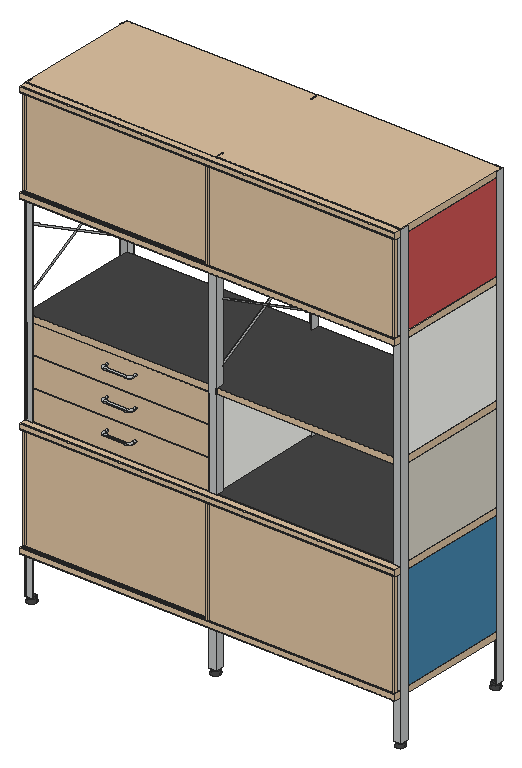
Revit family
Parameters (values of type "4 Units High 2 Units Wide")
  Wire 2 = no
  Wire 1 = no
  Watermarked By = "http://revitwatermark.com"
  URL = "http://www.hermanmiller.com/"
  Surface Finish = Herman Miller - Finish NC Natural Color
  Solid 2 = yes
  Solid 1 = not(Wire 1)  # yes
  Shelf = and([2 Wide], or([2 High], [4 High]))  # yes
  Product Documentation Link = "http://www.hermanmiller.com/products/desking-tables-and-furniture/home-office-desks-and-storage/eames-desks-and-storage-units.html"
  Package Qty = 1
  Model = "ESU420."
  Manufacturer = "Herman Miller, Inc."  # constant formula
  Frame Finish [instance] = Herman Miller - Finish ZC Zinc Plated
  Doors = yes
  Description = "Storage Unit Eames 4 Units High 2 Units Wide"
  Copyright © = "Copyright © Herman Miller, Inc."  # constant formula
  Color 3 = Herman Miller - Finish 91 White
  Color 2 = Herman Miller - Finish RO Red
  Color 1 = Herman Miller - Finish 3M Berry Blue
  Catalog Code = "HMH"
  Catalog = "Herman Miller Collection"  # constant formula
  CTRL Top = if([1 High], 20.500", if([2 High], 32.500", if([4 High], 58.500", 58.500")))  # 58.500"
  CTRL Support Height = if([1 High], 20.469", if([2 High], 32.392", if([4 High], 58.443", 58.443")))  # 58.443"
  Assembly Code = "E2020200"
  4 High = yes
  2 Wide = yes
  2 High = no
  1 Wide = not([2 Wide])  # no
  1 High = no
Reference planes (in)
  plane 1 "Center F/B": y = 0
  plane 2: z = 0
  plane 3 "Center L/R": x = 0
  plane 4 "Top": z = 58.5
  plane 5: y = 7.875
  plane 6: y = -7.875
  plane 7: x = -23.5625
  plane 8: x = 23.5625
  plane 9 "Y- Origin": x = -23.6563
  plane 10 "X - Origin": y = 7.9688
  plane 11 "Surface Bottom": z = 57.75
  plane 12 "Shelf 1": z = 20.5
  plane 13 "Shelf 2": z = 32.5
  plane 14 "Shelf 3": z = 46.5
  plane 15 "Glides Back": y = 7.48443
  plane 16 "Glides Front": y = -7.48432
  plane 17: z = 58.443
  plane 18 "Door Front": y = -8.87495
Forms (in)
  Extrusion 1, solid, material "Herman Miller - Finish NC Natural Color" <- "Surface Finish", visible <- "2 Wide"
    sketch origin (0, 0, 0) x (1, 0, 0) y (0, 1, 0)
      loop
        line (0.31245, 7.87505) -> (-23.56255, 7.87505) -> (-23.56255, -7.87495) -> (0.31245, -7.87495) -> (0.31245, -6.99995) -> (0.43745, -6.99995) -> (0.43745, -7.87495) -> (23.56245, -7.87495) -> (23.56245, 7.87505) -> (0.43745, 7.87505) -> (0.43745, 7.00005) -> (0.31245, 7.00005) -> (0.31245, 7.87505)
    from 57.75 to 58.5
  Revolve 2, solid, material "Herman Miller - Finish BK Black"
    sketch origin (0, -7.48432, 0) x (-1, 0, 0) y (0, 0, 1)
      loop
        line (22.73443, 0.625) -> (22.73443, 0.375) -> (22.67193, 0.375) -> (22.60942, 0) -> (23.17193, 0) -> (23.17193, 0.625) -> (22.73443, 0.625)
      axis (23.17193, 0) -> (23.17193, 0.625)
    angle from 0 to 360
  Revolve 3, solid, material "Herman Miller - Finish BK Black"
    sketch origin (0, 7.48443, 0) x (-1, 0, 0) y (0, 0, 1)
      loop
        line (22.73443, 0.625) -> (22.73443, 0.375) -> (22.67193, 0.375) -> (22.60942, 0) -> (23.17193, 0) -> (23.17193, 0.625) -> (22.73443, 0.625)
      axis (23.17193, 0) -> (23.17193, 0.625)
    angle from 0 to 360
  Revolve 4, solid, material "Herman Miller - Finish BK Black"
    sketch origin (23.10996, -7.48432, 0) x (-1, 0, 0) y (0, 0, 1)
      loop
        line (22.73443, 0.625) -> (22.73443, 0.375) -> (22.67193, 0.375) -> (22.60942, 0) -> (23.17193, 0) -> (23.17193, 0.625) -> (22.73443, 0.625)
      axis (23.17193, 0) -> (23.17193, 0.625)
    angle from 0 to 360
  Revolve 5, solid, material "Herman Miller - Finish BK Black"
    sketch origin (23.10996, 7.48443, 0) x (-1, 0, 0) y (0, 0, 1)
      loop
        line (22.73443, 0.625) -> (22.73443, 0.375) -> (22.67193, 0.375) -> (22.60942, 0) -> (23.17193, 0) -> (23.17193, 0.625) -> (22.73443, 0.625)
      axis (23.17193, 0) -> (23.17193, 0.625)
    angle from 0 to 360
  Revolve 6, solid, material "Herman Miller - Finish BK Black", visible <- "2 Wide"
    sketch origin (46.34375, -7.48432, 0) x (-1, 0, 0) y (0, 0, 1)
      loop
        line (22.73443, 0.625) -> (22.73443, 0.375) -> (22.67193, 0.375) -> (22.60942, 0) -> (23.17193, 0) -> (23.17193, 0.625) -> (22.73443, 0.625)
      axis (23.17193, 0) -> (23.17193, 0.625)
    angle from 0 to 360
  Revolve 7, solid, material "Herman Miller - Finish BK Black", visible <- "2 Wide"
    sketch origin (46.34375, 7.48443, 0) x (-1, 0, 0) y (0, 0, 1)
      loop
        line (22.73443, 0.625) -> (22.73443, 0.375) -> (22.67193, 0.375) -> (22.60942, 0) -> (23.17193, 0) -> (23.17193, 0.625) -> (22.73443, 0.625)
      axis (23.17193, 0) -> (23.17193, 0.625)
    angle from 0 to 360
  Extrusion 8, solid, material "Herman Miller - Finish ZC Zinc Plated" <- "Frame Finish"
    sketch origin (0, 0, 0) x (1, 0, 0) y (0, 1, 0)
      loop
        line (-23.6563, 7.9688) -> (-23.6563, 7.00005) -> (-23.56255, 7.00005) -> (-23.56255, 7.87505) -> (-22.68755, 7.87505) -> (-22.68755, 7.9688) -> (-23.6563, 7.9688)
      loop
        line (-22.68755, -7.9687) -> (-22.68755, -7.87495) -> (-23.56255, -7.87495) -> (-23.56255, -6.99995) -> (-23.6563, -6.99995) -> (-23.6563, -7.9687) -> (-22.68755, -7.9687)
      loop
        line (-0.54634, -7.87495) -> (-0.54634, -7.9687) -> (0.42241, -7.9687) -> (0.42241, -6.99995) -> (0.32866, -6.99995) -> (0.32866, -7.87495) -> (-0.54634, -7.87495)
      loop
        line (0.32859, 7.00005) -> (0.42234, 7.00005) -> (0.42234, 7.9688) -> (-0.54641, 7.9688) -> (-0.54641, 7.87505) -> (0.32859, 7.87505) -> (0.32859, 7.00005)
    from 0.625 to 58.443
  Extrusion 9, solid, material "Herman Miller - Finish ZC Zinc Plated" <- "Frame Finish", visible <- "2 Wide"
    sketch origin (0, 0, 0) x (1, 0, 0) y (0, 1, 0)
      loop
        line (23.56245, 7.00005) -> (23.6562, 7.00005) -> (23.6562, 7.9688) -> (22.68745, 7.9688) -> (22.68745, 7.87505) -> (23.56245, 7.87505) -> (23.56245, 7.00005)
      loop
        line (22.68745, -7.87495) -> (22.68745, -7.9687) -> (23.6562, -7.9687) -> (23.6562, -6.99995) -> (23.56245, -6.99995) -> (23.56245, -7.87495) -> (22.68745, -7.87495)
    from 0.625 to 58.443
  Extrusion 10, solid, material "Herman Miller - Finish NC Natural Color" <- "Surface Finish", visible <- "2 Wide"
    sketch origin (0, 0, 0) x (1, 0, 0) y (0, 1, 0)
      loop
        line (0.31245, 7.87505) -> (-23.56255, 7.87505) -> (-23.56255, -7.87495) -> (0.31245, -7.87495) -> (0.31245, -6.99995) -> (0.43745, -6.99995) -> (0.43745, -7.87495) -> (23.56245, -7.87495) -> (23.56245, 7.87505) -> (0.43745, 7.87505) -> (0.43745, 7.00005) -> (0.31245, 7.00005) -> (0.31245, 7.87505)
    from 5.75 to 6.5
  Extrusion 11, solid, material "Herman Miller - Finish 3M Berry Blue" <- "Color 1"
    sketch origin (0, 0, 0) x (1, 0, 0) y (0, 0, 1)
      loop
        line (-23.43755, 19.625) -> (-23.56255, 19.625) -> (-23.56255, 6.625) -> (-23.43755, 6.625) -> (-23.43755, 19.625)
    from -7.87505 to 7.87495
  Extrusion 12, solid, material "Herman Miller - Finish 3M Berry Blue" <- "Color 1", visible <- "2 Wide"
    sketch origin (0, 0, 0) x (-1, 0, 0) y (0, 0, -1)
      loop
        line (-23.43755, -19.625) -> (-23.43755, -6.625) -> (-23.56255, -6.625) -> (-23.56255, -19.625) -> (-23.43755, -19.625)
    from -7.87505 to 7.87495
  Extrusion 13, solid, material "Herman Miller - Finish 91 White", visible <- "Solid 1"
    sketch origin (24, 0, 0) x (0, 1, 0) y (0, 0, 1)
      loop
        line (7.75005, 19.625) -> (7.75005, 6.625) -> (7.87505, 6.625) -> (7.87505, 19.625) -> (7.75005, 19.625)
    from -47.43755 to -23.75005
  Extrusion 14, solid, material "Herman Miller - Finish 91 White", visible <- "2 Wide"
    sketch origin (-24, 0, 0) x (0, 1, 0) y (0, 0, -1)
      loop
        line (7.75005, -19.625) -> (7.87505, -19.625) -> (7.87505, -6.625) -> (7.75005, -6.625) -> (7.75005, -19.625)
    from -47.43755 to -24.43745
  Extrusion 15, solid, material "Herman Miller - Finish NC Natural Color" <- "Surface Finish", visible <- "Shelf"
    sketch origin (0, 0, 20.5) x (-1, 0, 0) y (0, -1, 0)
      loop
        line (-0.31245, -7.87505) -> (23.56255, -7.87505) -> (23.56255, 7.87495) -> (-0.31245, 7.87495) -> (-0.31245, 6.99995) -> (-0.43745, 6.99995) -> (-0.43745, 7.87495) -> (-23.56245, 7.87495) -> (-23.56245, -7.87505) -> (-0.43745, -7.87505) -> (-0.43745, -7.00005) -> (-0.31245, -7.00005) -> (-0.31245, -7.87505)
    from 0 to -0.75
  Extrusion 16, solid, material "Herman Miller - Finish NC Natural Color" <- "Surface Finish", visible <- "4 High"
    sketch origin (0, 0, 32.5) x (-1, 0, 0) y (0, -1, 0)
      loop
        line (-0.31245, -7.87505) -> (23.56255, -7.87505) -> (23.56255, 7.87495) -> (-0.31245, 7.87495) -> (-0.31245, 6.99995) -> (-0.43745, 6.99995) -> (-0.43745, 7.87495) -> (-23.56245, 7.87495) -> (-23.56245, -7.87505) -> (-0.43745, -7.87505) -> (-0.43745, -7.00005) -> (-0.31245, -7.00005) -> (-0.31245, -7.87505)
    from 0 to -0.75
  Extrusion 17, solid, material "Herman Miller - Finish NC Natural Color" <- "Surface Finish", visible <- "4 High"
    sketch origin (0, 0, 46.5) x (-1, 0, 0) y (0, -1, 0)
      loop
        line (-0.31245, -7.87505) -> (23.56255, -7.87505) -> (23.56255, 7.87495) -> (-0.31245, 7.87495) -> (-0.31245, 6.99995) -> (-0.43745, 6.99995) -> (-0.43745, 7.87495) -> (-23.56245, 7.87495) -> (-23.56245, -7.87505) -> (-0.43745, -7.87505) -> (-0.43745, -7.00005) -> (-0.31245, -7.00005) -> (-0.31245, -7.87505)
    from 0 to -0.75
  Extrusion 18, solid, material "Herman Miller - Finish 91 White" <- "Color 3", visible <- "Solid 2"
    sketch origin (0, 0, 14.75) x (1, 0, 0) y (0, 0, 1)
      loop
        line (-23.43755, 16.875) -> (-23.56255, 16.875) -> (-23.56255, 5.875) -> (-23.43755, 5.875) -> (-23.43755, 16.875)
    from -7.87505 to 7.87495
  Extrusion 19, solid, material "Herman Miller - Finish RO Red" <- "Color 2", visible <- "4 High"
    sketch origin (0, 0, 40.75) x (1, 0, 0) y (0, 0, 1)
      loop
        line (-23.43755, 16.875) -> (-23.56255, 16.875) -> (-23.56255, 5.875) -> (-23.43755, 5.875) -> (-23.43755, 16.875)
    from -7.87505 to 7.87495
  Extrusion 20, solid, material "Herman Miller - Finish WL Sandstone", visible <- "4 High"
    sketch origin (0, 0, 14.75) x (-1, 0, 0) y (0, 0, -1)
      loop
        line (-23.43755, -16.875) -> (-23.43755, -5.875) -> (-23.56255, -5.875) -> (-23.56255, -16.875) -> (-23.43755, -16.875)
    from -7.87505 to 7.87495
  Extrusion 21, solid, material "Herman Miller - Finish 91 White", visible <- "4 High"
    sketch origin (0, 0, 26) x (-1, 0, 0) y (0, 0, -1)
      loop
        line (-23.43755, -19.625) -> (-23.43755, -6.625) -> (-23.56255, -6.625) -> (-23.56255, -19.625) -> (-23.43755, -19.625)
    from -7.87505 to 7.87495
  Extrusion 22, solid, material "Herman Miller - Finish RO Red" <- "Color 2", visible <- "4 High"
    sketch origin (0, 0, 40.75) x (-1, 0, 0) y (0, 0, -1)
      loop
        line (-23.43755, -16.875) -> (-23.43755, -5.875) -> (-23.56255, -5.875) -> (-23.56255, -16.875) -> (-23.43755, -16.875)
    from -7.87505 to 7.87495
  Sweep 23, solid, material "Herman Miller - Finish NC Natural Color" <- "Surface Finish", visible <- "4 High"
    path origin (0, 0, 46.5) x (-1, 0, 0) y (0, -1, 0)
      loop
        line (23.5625, 7.99995) -> (-23.5625, 7.99995)
    profile origin (0, -7.99995, 46.5) x (0, 1, 0) y (0, 0, 1)
      loop
        line (0, 11.95442) -> (-0.8125, 11.95442) -> (-0.875, 11.89192) -> (-0.875, 11.26692) -> (-0.8125, 11.20442) -> (-0.65625, 11.20442) -> (-0.65625, 11.39192) -> (-0.5, 11.39192) -> (-0.5, 11.20442) -> (-0.28125, 11.20442) -> (-0.28125, 11.39192) -> (-0.125, 11.39192) -> (-0.125, 11.20442) -> (0, 11.20442) -> (0, 11.95442)
      loop
        line (-0.875, -0.69088) -> (-0.8125, -0.75338) -> (0, -0.75338) -> (0, -0.00338) -> (-0.125, -0.00338) -> (-0.125, -0.19088) -> (-0.28125, -0.19088) -> (-0.28125, -0.00338) -> (-0.5, -0.00338) -> (-0.5, -0.19088) -> (-0.65625, -0.19088) -> (-0.65625, -0.00338) -> (-0.8125, -0.00338) -> (-0.875, -0.06588) -> (-0.875, -0.69088)
  Sweep 24, solid, material "Herman Miller - Finish NC Natural Color" <- "Surface Finish", visible <- "Doors"
    path origin (0, 0, 32.5) x (-1, 0, 0) y (0, -1, 0)
      loop
        line (23.56315, 8.4062) -> (-23.5625, 8.4062)
    profile origin (-0.00032, -8.4062, 32.5) x (0, 1, 0) y (0, 0, 1)
      loop
        line (-0.46875, -12.6875) -> (-0.40625, -12.75) -> (-0.25, -12.75) -> (-0.25, -12.5625) -> (-0.09375, -12.5625) -> (-0.09375, -12.75) -> (0.125, -12.75) -> (0.125, -12.5625) -> (0.28125, -12.5625) -> (0.28125, -12.75) -> (0.40625, -12.75) -> (0.40625, -12) -> (-0.40625, -12) -> (-0.46875, -12.0625) -> (-0.46875, -12.6875)
      loop
        line (-0.46875, -26.0625) -> (-0.46875, -26.6875) -> (-0.40625, -26.75) -> (0.40625, -26.75) -> (0.40625, -26) -> (0.28125, -26) -> (0.28125, -26.1875) -> (0.125, -26.1875) -> (0.125, -26) -> (-0.09375, -26) -> (-0.09375, -26.1875) -> (-0.25, -26.1875) -> (-0.25, -26) -> (-0.40625, -26) -> (-0.46875, -26.0625)
  Extrusion 25, solid, material "Herman Miller - Finish 91 White", visible <- "Solid 2"
    sketch origin (24, 0, 14) x (0, 1, 0) y (0, 0, 1)
      loop
        line (7.75005, 17.625) -> (7.75005, 6.625) -> (7.87505, 6.625) -> (7.87505, 17.625) -> (7.75005, 17.625)
    from -47.43755 to -23.75005
  Extrusion 26, solid, material "Herman Miller - Finish 91 White", visible <- "4 High"
    sketch origin (-24, 0, 14) x (0, 1, 0) y (0, 0, -1)
      loop
        line (7.75005, -17.625) -> (7.87505, -17.625) -> (7.87505, -6.625) -> (7.75005, -6.625) -> (7.75005, -17.625)
    from -47.43755 to -24.43745
  Extrusion 27, solid, material "Herman Miller - Finish 91 White", visible <- "4 High"
    sketch origin (24, 0, 40) x (0, 1, 0) y (0, 0, 1)
      loop
        line (7.75005, 17.625) -> (7.75005, 6.625) -> (7.87505, 6.625) -> (7.87505, 17.625) -> (7.75005, 17.625)
    from -47.43755 to -23.75005
  Extrusion 28, solid, material "Herman Miller - Finish 91 White", visible <- "4 High"
    sketch origin (-24, 0, 40) x (0, 1, 0) y (0, 0, -1)
      loop
        line (7.75005, -17.625) -> (7.87505, -17.625) -> (7.87505, -6.625) -> (7.75005, -6.625) -> (7.75005, -17.625)
    from -47.43755 to -24.43745
  Sweep 29, solid, material "Herman Miller - Finish ZC Zinc Plated" <- "Frame Finish"
    path origin (24, 0, 0) x (0, 1, 0) y (0, 0, 1)
      loop
        line (-7.16765, 8.54442) -> (7.16768, 16.20573)
    profile origin (24, 0.00001, 12.37507) x (0, -0.471345, 0.881949) y (1, 0, 0)
      loop
        circle (0, -23.6719) r 0.09375
  Sweep 30, solid, material "Herman Miller - Finish ZC Zinc Plated" <- "Frame Finish"
    path origin (24, 0, 0) x (0, 1, 0) y (0, 0, 1)
      loop
        line (7.20537, 8.54429) -> (-7.12983, 16.20585)
    profile origin (24, 0.03777, 12.37507) x (0, -0.47136, -0.881941) y (1, 0, 0)
      loop
        circle (0.01776, -23.6719) r 0.09375
  Sweep 31, solid, material "Herman Miller - Finish ZC Zinc Plated" <- "Frame Finish", visible <- "Wire 1"
    path origin (0, 0, 0) x (1, 0, 0) y (0, 0, 1)
      loop
        line (-0.4016, 8.49182) -> (-22.83244, 16.25766)
    profile origin (-11.61702, 0, 12.37474) x (-0.32716, 0, -0.944969) y (0, -1, 0)
      loop
        circle (0, -7.81258) r 0.09375
  Sweep 32, solid, material "Herman Miller - Finish ZC Zinc Plated" <- "Frame Finish", visible <- "Wire 1"
    path origin (0, 0, 0) x (1, 0, 0) y (0, 0, 1)
      loop
        line (-22.83254, 8.49263) -> (-0.40114, 16.25685)
    profile origin (-11.61684, 0, 12.37474) x (-0.327092, 0, 0.944993) y (0, -1, 0)
      loop
        circle (0, -7.81258) r 0.094
  Sweep 33, solid, material "Herman Miller - Finish ZC Zinc Plated" <- "Frame Finish", visible <- "Wire 2"
    path origin (0, 0, 0) x (0, 1, 0) y (0, 0, 1)
      loop
        line (-7.16751, 30.20585) -> (7.16769, 22.54429)
    profile origin (0, 0.00009, 26.37507) x (0, 0.47136, 0.881941) y (1, 0, 0)
      loop
        circle (0, 0.31995) r 0.09375
  Sweep 34, solid, material "Herman Miller - Finish ZC Zinc Plated" <- "Frame Finish", visible <- "2 High"
    path origin (0, 0, 0) x (0, 1, 0) y (0, 0, 1)
      loop
        line (-7.16765, 22.54442) -> (7.16768, 30.20573)
    profile origin (0, 0.00001, 26.37507) x (0, -0.471345, 0.881949) y (1, 0, 0)
      loop
        circle (0, 23.56248) r 0.094
  Sweep 35, solid, material "Herman Miller - Finish ZC Zinc Plated" <- "Frame Finish", visible <- "2 High"
    path origin (0, 0, 0) x (0, 1, 0) y (0, 0, 1)
      loop
        line (-7.16751, 30.20585) -> (7.16769, 22.54429)
    profile origin (0, 0.00009, 26.37507) x (0, 0.47136, 0.881941) y (1, 0, 0)
      loop
        circle (0, 23.56248) r 0.09375
  Sweep 36, solid, material "Herman Miller - Finish ZC Zinc Plated" <- "Frame Finish", visible <- "Wire 2"
    path origin (0, 0, 0) x (0, 1, 0) y (0, 0, 1)
      loop
        line (-7.16765, 22.54442) -> (7.16768, 30.20573)
    profile origin (0, 0.00001, 26.37507) x (0, -0.471345, 0.881949) y (1, 0, 0)
      loop
        circle (0, 0.31995) r 0.094
  Sweep 37, solid, visible <- "Wire 2"
    path origin (0, 0, 0) x (1, 0, 0) y (0, 0, 1)
      loop
        line (-0.40165, 22.49181) -> (-22.83249, 30.25766)
    profile origin (-11.61707, 0, 26.37474) x (-0.32716, 0, -0.944969) y (0, -1, 0)
      loop
        circle (0, -7.81258) r 0.094
  Sweep 38, solid, visible <- "Wire 2"
    path origin (0, 0, 0) x (1, 0, 0) y (0, 0, 1)
      loop
        line (-22.83259, 22.49263) -> (-0.40119, 30.25685)
    profile origin (-11.61689, 0, 26.37474) x (-0.327092, 0, 0.944993) y (0, -1, 0)
      loop
        circle (0, -7.81258) r 0.094
  Sweep 39, solid, material "Herman Miller - Finish ZC Zinc Plated" <- "Frame Finish", visible <- "4 High"
    path origin (24, 0, 0) x (0, 1, 0) y (0, 0, 1)
      loop
        line (7.16769, 34.54429) -> (-7.16751, 42.20585)
    profile origin (24, 0.00009, 38.37507) x (0, -0.47136, -0.881941) y (1, 0, 0)
      loop
        circle (0, -47.5001) r 0.09375
      loop
        circle (0, -23.68008) r 0.09375
  Sweep 40, solid, material "Herman Miller - Finish ZC Zinc Plated" <- "Frame Finish", visible <- "4 High"
    path origin (24, 0, 0) x (0, 1, 0) y (0, 0, 1)
      loop
        line (7.16768, 42.20573) -> (-7.16765, 34.54442)
    profile origin (24, 0.00001, 38.37507) x (0, 0.471345, -0.881949) y (1, 0, 0)
      loop
        circle (0, -23.68008) r 0.094
      loop
        circle (0, -47.5001) r 0.094
  Sweep 41, solid, material "Herman Miller - Finish ZC Zinc Plated" <- "Frame Finish", visible <- "4 High"
    path origin (0, 0, 0) x (1, 0, 0) y (0, 0, 1)
      loop
        line (22.73874, 34.49263) -> (0.30734, 42.25685)
    profile origin (11.52304, 0, 38.37474) x (-0.327092, 0, -0.944993) y (0, -1, 0)
      loop
        circle (0, -8.03127) r 0.094
  Sweep 42, solid, material "Herman Miller - Finish ZC Zinc Plated" <- "Frame Finish", visible <- "4 High"
    path origin (0, 0, 0) x (1, 0, 0) y (0, 0, 1)
      loop
        line (22.73864, 42.25766) -> (0.3078, 34.49181)
    profile origin (11.52322, 0, 38.37474) x (0.32716, 0, -0.944969) y (0, -1, 0)
      loop
        circle (0, -8.03127) r 0.094
  Sweep 43, solid, material "Herman Miller - Finish ZC Zinc Plated" <- "Frame Finish", visible <- "4 High"
    path origin (0, 0, 0) x (1, 0, 0) y (0, 0, 1)
      loop
        line (-22.83249, 42.25766) -> (-0.40165, 34.49181)
    profile origin (-11.61707, 0, 38.37474) x (0.32716, 0, 0.944969) y (0, -1, 0)
      loop
        circle (0, -7.81258) r 0.094
  Sweep 44, solid, material "Herman Miller - Finish ZC Zinc Plated" <- "Frame Finish", visible <- "4 High"
    path origin (0, 0, 0) x (1, 0, 0) y (0, 0, 1)
      loop
        line (-0.40119, 42.25685) -> (-22.83259, 34.49263)
    profile origin (-11.61689, 0, 38.37474) x (0.327092, 0, -0.944993) y (0, -1, 0)
      loop
        circle (0, -7.81258) r 0.094
  Extrusion 45, solid, material "Herman Miller - Finish NC Natural Color" <- "Surface Finish", visible <- "4 High"
    sketch origin (0, 0, 0) x (0, 1, 0) y (0, 0, 1)
      loop
        line (-7.86391, 31.68933) -> (-7.86391, 28.06433) -> (-7.73891, 28.06433) -> (-7.73891, 27.93933) -> (-7.86391, 27.93933) -> (-7.86391, 24.31433) -> (-7.73891, 24.31433) -> (-7.73891, 24.18933) -> (-7.86391, 24.18933) -> (-7.86391, 20.56433) -> (-7.11391, 20.56433) -> (-7.11391, 31.68933) -> (-7.86391, 31.68933)
    from -22.67359 to -0.57984
  Sweep 46, solid, material "Herman Miller - Finish ZC Zinc Plated" <- "Frame Finish", visible <- "4 High", detail levels fine
    path origin (0, 0, 32.5) x (-1, 0, 0) y (0, -1, 0)
      loop
        line (13.40796, 7.86391) -> (13.40796, 8.33266)
        arc (13.40796, 8.33266) -> (13.29813, 8.59782) -> (13.03296, 8.70766) r 0.375
        line (13.03296, 8.70766) -> (10.22046, 8.70766)
        arc (10.22046, 8.70766) -> (9.9553, 8.59782) -> (9.84546, 8.33266) r 0.375
        line (9.84546, 8.33266) -> (9.84546, 7.86391)
    profile origin (-13.40796, -8.09828, 32.5) x (1, 0, 0) y (0, 0, 1)
      loop
        circle (0, -2.18567) r 0.125
      loop
        circle (0, -5.93567) r 0.125
      loop
        circle (0, -9.68567) r 0.125
  Extrusion 47, solid, material "Herman Miller - Finish NC Natural Color" <- "Surface Finish", visible <- "Doors"
    sketch origin (0, 0, 0) x (0, 1, 0) y (0, 0, 1)
      loop
        line (-8.13759, 19.90625) -> (-8.26259, 19.90625) -> (-8.26259, 6.3125) -> (-8.13759, 6.3125) -> (-8.13759, 19.90625)
    from -23.43755 to -0.07867
  Extrusion 48, solid, material "Herman Miller - Finish NC Natural Color" <- "Surface Finish", visible <- "Doors"
    sketch origin (0, 0, 0) x (0, 1, 0) y (0, 0, 1)
      loop
        line (-8.63759, 19.90625) -> (-8.63759, 6.3125) -> (-8.51259, 6.3125) -> (-8.51259, 19.90625) -> (-8.63759, 19.90625)
    from 0.12495 to 23.32807
  Extrusion 49, solid, material "Herman Miller - Finish NC Natural Color" <- "Surface Finish", visible <- "4 High"
    sketch origin (0, 0, 32.5) x (-1, 0, 0) y (0, -1, 0)
      loop
        line (-0.04558, 8.35634) -> (0.20442, 8.35634) -> (0.20442, 8.79384) -> (-0.04558, 8.79384) -> (-0.04558, 8.63759) -> (0.07943, 8.63759) -> (0.07943, 8.51259) -> (-0.04558, 8.51259) -> (-0.04558, 8.35634)
      loop
        line (23.31255, 8.41884) -> (23.31255, 8.26259) -> (23.43755, 8.26259) -> (23.43755, 8.13759) -> (23.31255, 8.13759) -> (23.31255, 7.98134) -> (23.56255, 7.98134) -> (23.56255, 8.41884) -> (23.31255, 8.41884)
      loop
        line (-23.45307, 8.35634) -> (-23.20308, 8.35634) -> (-23.20308, 8.51259) -> (-23.32807, 8.51259) -> (-23.32807, 8.63759) -> (-23.20308, 8.63759) -> (-23.20308, 8.79384) -> (-23.45307, 8.79384) -> (-23.45307, 8.35634)
    from 14.05912 to 25.11067
  Extrusion 50, solid, material "Herman Miller - Finish NC Natural Color" <- "Surface Finish", visible <- "Doors"
    sketch origin (0, 0, 0) x (1, 0, 0) y (0, 1, 0)
      loop
        line (23.20308, -8.35634) -> (23.20308, -8.51259) -> (23.32807, -8.51259) -> (23.32807, -8.63759) -> (23.20308, -8.63759) -> (23.20308, -8.79384) -> (23.45307, -8.79384) -> (23.45307, -8.35634) -> (23.20308, -8.35634)
      loop
        line (-0.20442, -8.35634) -> (-0.20442, -8.79384) -> (0.04558, -8.79384) -> (0.04558, -8.63759) -> (-0.07943, -8.63759) -> (-0.07943, -8.51259) -> (0.04558, -8.51259) -> (0.04558, -8.35634) -> (-0.20442, -8.35634)
      loop
        line (-23.56255, -7.98134) -> (-23.56255, -8.41884) -> (-23.31255, -8.41884) -> (-23.31255, -8.26259) -> (-23.43755, -8.26259) -> (-23.43755, -8.13759) -> (-23.31255, -8.13759) -> (-23.31255, -7.98134) -> (-23.56255, -7.98134)
    from 6.5625 to 19.65625
  Extrusion 51, solid, material "Herman Miller - Finish NC Natural Color" <- "Surface Finish", visible <- "4 High"
    sketch origin (0, 0, 39.99662) x (0, 1, 0) y (0, 0, 1)
      loop
        line (-8.13759, 17.8953) -> (-8.26259, 17.8953) -> (-8.26259, 6.3125) -> (-8.13759, 6.3125) -> (-8.13759, 17.8953)
    from -23.43755 to -0.07867
  Extrusion 52, solid, material "Herman Miller - Finish NC Natural Color" <- "Surface Finish", visible <- "4 High"
    sketch origin (0, 0, 39.99662) x (0, 1, 0) y (0, 0, 1)
      loop
        line (-8.63759, 17.8953) -> (-8.63759, 6.3125) -> (-8.51259, 6.3125) -> (-8.51259, 17.8953) -> (-8.63759, 17.8953)
    from 0.12495 to 23.32807
  Extrusion 53, solid, material "Herman Miller - Finish 91 White", visible <- "Solid 2"
    sketch origin (-23.23389, 0, 14.75) x (-1, 0, 0) y (0, 0, -1)
      loop
        line (-23.43755, -16.875) -> (-23.43755, -5.875) -> (-23.56255, -5.875) -> (-23.56255, -16.875) -> (-23.43755, -16.875)
    from -7.87505 to 7.87495
  Extrusion 54, solid, material "Herman Miller - Finish NC Natural Color" <- "Surface Finish", visible <- "1 Wide"
    sketch origin (0, 0, 0) x (1, 0, 0) y (0, 1, 0)
      loop
        line (0.31245, 7.87505) -> (-23.56255, 7.87505) -> (-23.56255, -7.87495) -> (0.31245, -7.87495) -> (0.31245, 7.87505)
    from 5.75 to 6.5
  Extrusion 55, solid, material "Herman Miller - Finish NC Natural Color" <- "Surface Finish", visible <- "1 Wide"
    sketch origin (0, 0, 20.5) x (-1, 0, 0) y (0, -1, 0)
      loop
        line (-0.31245, -7.87505) -> (23.56255, -7.87505) -> (23.56255, 7.87495) -> (-0.31245, 7.87495) -> (-0.31245, -7.87505)
    from 0 to -0.75
Lines and regions (in)
  Masking region 1, visible <- "2 Wide"
    outline origin (0, 0, 58.5) x (0, -1, 0) y (1, 0, 0)
      loop
        line (-7.87505, -23.56255) -> (7.87495, -23.56255) -> (7.87495, 23.56245) -> (-7.87505, 23.56245) -> (-7.87505, -23.56255)
  Masking region 2, visible <- "Doors"
    outline origin (0, 0, 20.5) x (-1, 0, 0) y (0, -1, 0)
      loop
        line (23.5625, 7.99995) -> (23.5625, 8.87495) -> (-23.5625, 8.87495) -> (-23.5625, 7.99995) -> (23.5625, 7.99995)
  Masking region 3, visible <- "2 Wide"
    outline origin (0, -8.87495, 0) x (-1, 0, 0) y (0, 0, 1)
      loop
        line (23.6563, 58.5) -> (-23.6562, 58.5) -> (-23.6562, 0.625) -> (-22.68745, 0.625) -> (-22.68745, 5.75) -> (-0.42241, 5.75) -> (-0.42241, 0.625) -> (0.54634, 0.625) -> (0.54634, 5.75) -> (22.68755, 5.75) -> (22.68755, 0.625) -> (23.6563, 0.625) -> (23.6563, 58.5)
  Masking region 4
    outline origin (-23.6563, 0, 0) x (0, -1, 0) y (0, 0, 1)
      loop
        line (-7.9688, 58.5) -> (-7.9688, 0.625) -> (-7.00005, 0.625) -> (-7.00005, 5.75) -> (2.9687, 5.75) -> (6.99995, 5.75) -> (6.99995, 0.625) -> (7.9687, 0.625) -> (7.9687, 58.5) -> (-7.9688, 58.5)
  Masking region 5, visible <- "1 Wide"
    outline origin (0, 0, 20.5) x (-1, 0, 0) y (0, -1, 0)
      loop
        line (23.56255, -7.87505) -> (23.56255, 7.87495) -> (-0.31245, 7.87495) -> (-0.31245, -7.87505) -> (23.56255, -7.87505)
  Masking region 6, visible <- "1 Wide"
    outline origin (0, -8.87495, 0) x (-1, 0, 0) y (0, 0, 1)
      loop
        line (23.6563, 20.5) -> (-0.42241, 20.5) -> (-0.42241, 0.625) -> (0.54634, 0.625) -> (0.54634, 5.75) -> (22.68755, 5.75) -> (22.68755, 0.625) -> (23.6563, 0.625) -> (23.6563, 20.5)
  Masking region 7
    outline origin (0, -8.87495, 0) x (-1, 0, 0) y (0, 0, 1)
      loop
        line (23.73443, 0) -> (23.67193, 0.375) -> (23.60943, 0.375) -> (23.60943, 0.625) -> (22.73443, 0.625) -> (22.73443, 0.375) -> (22.67193, 0.375) -> (22.60942, 0) -> (23.73443, 0)
      loop
        line (0.62447, 0) -> (0.56197, 0.375) -> (0.49947, 0.375) -> (0.49947, 0.625) -> (-0.37553, 0.625) -> (-0.37553, 0.375) -> (-0.43803, 0.375) -> (-0.50053, 0) -> (0.62447, 0)
  Masking region 8, visible <- "2 Wide"
    outline origin (0, -8.87495, 0) x (-1, 0, 0) y (0, 0, 1)
      loop
        line (-22.73433, 0.625) -> (-23.60932, 0.625) -> (-23.60932, 0.375) -> (-23.67183, 0.375) -> (-23.73433, 0) -> (-22.60932, 0) -> (-22.67182, 0.375) -> (-22.73433, 0.375) -> (-22.73433, 0.625)
  Masking region 9, visible <- "4 High", detail levels fine
    outline origin (24, 0, 0) x (0, 1, 0) y (0, 0, 1)
      loop
        line (-7.9687, 30.18933) -> (-7.9687, 30.43933) -> (-8.7143, 30.43933)
        arc (-8.7143, 30.43933) -> (-8.8393, 30.31433) -> (-8.7143, 30.18933) r 0.125
        line (-8.7143, 30.18933) -> (-7.9687, 30.18933)
      loop
        line (-7.9687, 26.43933) -> (-7.9687, 26.68933) -> (-8.7143, 26.68933)
        arc (-8.7143, 26.68933) -> (-8.8393, 26.56433) -> (-8.7143, 26.43933) r 0.125
        line (-8.7143, 26.43933) -> (-7.9687, 26.43933)
      loop
        line (-7.9687, 22.68934) -> (-7.9687, 22.93933) -> (-8.7143, 22.93933)
        arc (-8.7143, 22.93933) -> (-8.8393, 22.81433) -> (-8.7143, 22.68934) r 0.125
        line (-8.7143, 22.68934) -> (-7.9687, 22.68934)
  Masking region 10
    outline origin (24, 0, 0) x (0, 1, 0) y (0, 0, 1)
      loop
        line (6.92192, 0) -> (8.04693, 0) -> (7.98443, 0.375) -> (7.92192, 0.375) -> (7.92192, 0.625) -> (7.04693, 0.625) -> (7.04693, 0.375) -> (6.98442, 0.375) -> (6.92192, 0)
      loop
        line (-8.04683, 0) -> (-6.92182, 0) -> (-6.98433, 0.375) -> (-7.04683, 0.375) -> (-7.04683, 0.625) -> (-7.92183, 0.625) -> (-7.92183, 0.375) -> (-7.98433, 0.375) -> (-8.04683, 0)
  symbolic lines, style "Frame", visible <- "Wire 1"
    curve 1: line (-0.54634, -8.87495, 8.64114) -> (-22.68755, -8.87495, 16.30671)
    curve 2: line (-22.68755, -8.87495, 16.10829) -> (-0.54634, -8.87495, 8.44272)
    curve 3: line (-0.54634, -8.87495, 16.30606) -> (-22.68755, -8.87495, 8.64229)
    curve 4: line (-22.68755, -8.87495, 8.44334) -> (-0.54634, -8.87495, 16.10711)
  symbolic lines, style "Frame", visible <- "4 High"
    curve 5: line (-22.68755, -8.87495, 5.75) -> (-22.68755, -8.87495, 45.75)
    curve 6: line (-0.54634, -8.87495, 45.75) -> (-0.54634, -8.87495, 5.75)
    curve 11: line (22.68745, 0, 5.75) -> (22.68745, 0, 45.75)
    curve 12: line (0.42241, 0, 5.75) -> (0.42241, 0, 45.75)
    curve 29: line (-0.54634, -8.87495, 34.64114) -> (-22.68755, -8.87495, 42.30671)
    curve 30: line (-22.68755, -8.87495, 42.10829) -> (-0.54634, -8.87495, 34.44272)
    curve 31: line (-0.54634, -8.87495, 42.30606) -> (-22.68755, -8.87495, 34.64229)
    curve 32: line (-22.68755, -8.87495, 34.44334) -> (-0.54634, -8.87495, 42.10711)
    curve 115: line (24, -6.99995, 42.2226) -> (24, 7.00005, 34.74019)
    curve 116: line (24, 7.00005, 34.52759) -> (24, -6.99995, 42.01)
    curve 117: line (24, 7.00005, 42.22272) -> (24, -6.99995, 34.74062)
    curve 118: line (24, -6.99995, 34.52746) -> (24, 7.00005, 42.00956)
  symbolic lines, style "Glide", visible <- "2 Wide"
    curve 7: line (22.73433, -8.87495, 0.375) -> (23.60932, -8.87495, 0.375)
  symbolic lines, style "Glide"
    curve 8: line (-0.49947, -8.87495, 0.375) -> (0.37553, -8.87495, 0.375)
    curve 9: line (-23.60943, -8.87495, 0.375) -> (-22.73443, -8.87495, 0.375)
    curve 187: line (24, -7.92183, 0.375) -> (24, -7.04683, 0.375)
    curve 188: line (24, 7.92192, 0.375) -> (24, 7.04693, 0.375)
  symbolic lines, style "Shelf"
    curve 10: line (-22.68755, -8.87495, 19.75) -> (-0.54634, -8.87495, 19.75)
    curve 13: line (-22.68755, -8.87495, 6.5) -> (-0.54634, -8.87495, 6.5)
    curve 24: line (-22.68755, -8.87495, 20.5) -> (-0.54634, -8.87495, 20.5)
    curve 107: line (24, 7.00005, 57.75) -> (24, -6.99995, 57.75)
    curve 108: line (24, 7.00005, 6.625) -> (24, -6.99995, 6.625)
    curve 109: line (24, 7.00005, 20.5) -> (24, -6.99995, 20.5)
    curve 110: line (24, -6.99995, 19.75) -> (24, 7.00005, 19.75)
  symbolic lines, style "Shelf", visible <- "2 Wide"
    curve 14: line (0.42234, -8.87495, 6.5) -> (22.68745, -8.87495, 6.5)
    curve 15: line (0.42234, -8.87495, 19.75) -> (22.68745, -8.87495, 19.75)
    curve 16: line (0.42234, -8.87495, 20.5) -> (22.68745, -8.87495, 20.5)
  symbolic lines, style "Shelf", visible <- "4 High"
    curve 17: line (0.42234, -8.87495, 31.75) -> (22.68745, -8.87495, 31.75)
    curve 18: line (0.42234, -8.87495, 32.5) -> (22.68745, -8.87495, 32.5)
    curve 19: line (-22.68755, -8.87495, 45.75) -> (22.70366, -8.87495, 45.75)
    curve 20: line (-23.6563, -8.87495, 46.5) -> (23.6562, -8.87495, 46.5)
    curve 21: line (-22.68755, -8.87495, 31.75) -> (-0.54634, -8.87495, 31.75)
    curve 22: line (-22.68755, -8.87495, 32.5) -> (-0.43755, -8.87495, 32.5)
    curve 23: line (-23.6563, -8.87495, 57.75) -> (23.6562, -8.87495, 57.75)
    curve 33: line (22.68745, -8.87495, 42.33941) -> (0.42241, -8.87495, 34.63096)
    curve 34: line (22.68745, -8.87495, 42.14046) -> (0.42241, -8.87495, 34.43202)
    curve 35: line (0.42241, -8.87495, 42.31649) -> (22.68745, -8.87495, 34.60986)
    curve 36: line (0.42241, -8.87495, 42.11755) -> (22.68745, -8.87495, 34.41091)
    curve 111: line (24, 7.00005, 32.5) -> (24, -6.99995, 32.5)
    curve 112: line (24, 7.00005, 31.75) -> (24, -6.99995, 31.75)
    curve 113: line (24, 7.00005, 46.5) -> (24, -6.99995, 46.5)
    curve 114: line (24, -6.99995, 45.75) -> (24, 7.00005, 45.75)
  symbolic lines, style "Frame", visible <- "Wire 2"
    curve 25: line (-0.54634, -8.87495, 22.64114) -> (-22.68755, -8.87495, 30.30671)
    curve 26: line (-22.68755, -8.87495, 30.10829) -> (-0.54634, -8.87495, 22.44272)
    curve 27: line (-0.54634, -8.87495, 30.30606) -> (-22.68755, -8.87495, 22.64229)
    curve 28: line (-22.68755, -8.87495, 22.44334) -> (-0.54634, -8.87495, 30.10711)
    curve 119: line (24, 7.00005, 30.22272) -> (24, -6.99995, 22.74062)
    curve 120: line (24, -6.99995, 22.52746) -> (24, 7.00005, 30.00956)
    curve 121: line (24, 7.00005, 22.74019) -> (24, -6.99995, 30.2226)
    curve 122: line (24, -6.99995, 30.01) -> (24, 7.00005, 22.52759)
  symbolic lines, style "Door", visible <- "4 High"
    curve 37: line (-22.67359, -8.87495, 20.56433) -> (-0.57984, -8.87495, 20.56433)
    curve 38: line (-0.57984, -8.87495, 20.56433) -> (-0.57984, -8.87495, 24.18933)
    curve 39: line (-0.57984, -8.87495, 24.18933) -> (-22.67359, -8.87495, 24.18933)
    curve 40: line (-22.67359, -8.87495, 24.18933) -> (-22.67359, -8.87495, 20.56433)
    curve 41: line (-22.67359, -8.87495, 24.31433) -> (-0.57984, -8.87495, 24.31433)
    curve 42: line (-0.57984, -8.87495, 24.31433) -> (-0.57984, -8.87495, 27.93933)
    curve 43: line (-0.57984, -8.87495, 27.93933) -> (-22.67359, -8.87495, 27.93933)
    curve 44: line (-22.67359, -8.87495, 27.93933) -> (-22.67359, -8.87495, 24.31433)
    curve 45: line (-22.67359, -8.87495, 28.06433) -> (-0.57984, -8.87495, 28.06433)
    curve 46: line (-0.57984, -8.87495, 28.06433) -> (-0.57984, -8.87495, 31.68933)
    curve 47: line (-0.57984, -8.87495, 31.68933) -> (-22.67359, -8.87495, 31.68933)
    curve 48: line (-22.67359, -8.87495, 31.68933) -> (-22.67359, -8.87495, 28.06433)
    curve 67: line (-0.20442, -8.87495, 46.55912) -> (-0.20442, -8.87495, 57.61067)
    curve 68: line (0.04558, -8.87495, 57.61067) -> (0.04558, -8.87495, 46.55912)
    curve 69: line (-0.20442, -8.87495, 46.55912) -> (0.04558, -8.87495, 46.55912)
    curve 70: line (-0.20442, -8.87495, 57.61067) -> (0.04558, -8.87495, 57.61067)
    curve 71: line (-23.31255, -8.87495, 57.61067) -> (-23.31255, -8.87495, 46.55912)
    curve 72: line (-23.56255, -8.87495, 46.55912) -> (-23.56255, -8.87495, 57.61067)
    curve 73: line (23.45307, -8.87495, 57.61067) -> (23.45307, -8.87495, 46.55912)
    curve 74: line (23.20308, -8.87495, 46.55912) -> (23.20308, -8.87495, 57.61067)
    curve 75: line (23.20308, -8.87495, 46.55912) -> (23.45307, -8.87495, 46.55912)
    curve 76: line (23.20308, -8.87495, 57.61067) -> (23.45307, -8.87495, 57.61067)
    curve 77: line (-23.56255, -8.87495, 57.61067) -> (-23.31255, -8.87495, 57.61067)
    curve 78: line (-23.56255, -8.87495, 46.55912) -> (-23.31255, -8.87495, 46.55912)
    curve 123: line (24, -7.99995, 45.74662) -> (24, -8.81245, 45.74662)
    curve 124: line (24, -8.81245, 45.74662) -> (24, -8.87495, 45.80912)
    curve 125: line (24, -8.87495, 45.80912) -> (24, -8.87495, 46.43412)
    curve 126: line (24, -8.87495, 46.43412) -> (24, -8.81245, 46.49662)
    curve 127: line (24, -8.81245, 46.49662) -> (24, -8.6562, 46.49662)
    curve 128: line (24, -8.6562, 46.49662) -> (24, -8.6562, 46.30912)
    curve 129: line (24, -8.6562, 46.30912) -> (24, -8.49995, 46.30912)
    curve 130: line (24, -8.49995, 46.30912) -> (24, -8.49995, 46.49662)
    curve 131: line (24, -8.49995, 46.49662) -> (24, -8.2812, 46.49662)
    curve 132: line (24, -8.2812, 46.49662) -> (24, -8.2812, 46.30912)
    curve 133: line (24, -8.2812, 46.30912) -> (24, -8.12495, 46.30912)
    curve 134: line (24, -8.12495, 46.30912) -> (24, -8.12495, 46.49662)
    curve 135: line (24, -8.12495, 46.49662) -> (24, -7.99995, 46.49662)
    curve 136: line (24, -7.99995, 46.49662) -> (24, -7.99995, 45.74662)
    curve 137: line (24, -8.79384, 57.61067) -> (24, -8.79384, 46.55912)
    curve 138: line (24, -8.79384, 46.55912) -> (24, -7.98134, 46.55912)
    curve 139: line (24, -7.98134, 46.55912) -> (24, -7.98134, 57.61067)
    curve 140: line (24, -7.98134, 57.61067) -> (24, -8.79384, 57.61067)
    curve 141: line (24, -8.6562, 57.70442) -> (24, -8.81245, 57.70442)
    curve 142: line (24, -8.81245, 57.70442) -> (24, -8.87495, 57.76692)
    curve 143: line (24, -8.87495, 57.76692) -> (24, -8.87495, 58.39192)
    curve 144: line (24, -8.87495, 58.39192) -> (24, -8.81245, 58.45442)
    curve 145: line (24, -8.81245, 58.45442) -> (24, -7.99995, 58.45442)
    curve 146: line (24, -7.99995, 58.45442) -> (24, -7.99995, 57.70442)
    curve 147: line (24, -7.99995, 57.70442) -> (24, -8.12495, 57.70442)
    curve 148: line (24, -8.12495, 57.70442) -> (24, -8.12495, 57.89192)
    curve 149: line (24, -8.12495, 57.89192) -> (24, -8.2812, 57.89192)
    curve 150: line (24, -8.2812, 57.89192) -> (24, -8.2812, 57.70442)
    curve 151: line (24, -8.2812, 57.70442) -> (24, -8.49995, 57.70442)
    curve 152: line (24, -8.49995, 57.70442) -> (24, -8.49995, 57.89192)
    curve 153: line (24, -8.49995, 57.89192) -> (24, -8.6562, 57.89192)
    curve 154: line (24, -8.6562, 57.89192) -> (24, -8.6562, 57.70442)
  symbolic lines, style "Door", visible <- "4 High", detail levels fine
    curve 49: arc (-9.72046, -8.87495, 30.31433) -> (-9.75708, -8.87495, 30.40272) -> (-9.84546, -8.87495, 30.43933) r 0.125
    curve 50: arc (-9.84546, -8.87495, 30.18933) -> (-9.75708, -8.87495, 30.22595) -> (-9.72046, -8.87495, 30.31433) r 0.125
    curve 51: arc (-13.53296, -8.87495, 30.31433) -> (-13.49635, -8.87495, 30.40272) -> (-13.40796, -8.87495, 30.43933) r 0.125
    curve 52: arc (-13.40796, -8.87495, 30.18933) -> (-13.49635, -8.87495, 30.22595) -> (-13.53296, -8.87495, 30.31433) r 0.125
    curve 53: line (-13.40796, -8.87495, 30.43933) -> (-9.84546, -8.87495, 30.43933)
    curve 54: line (-9.84546, -8.87495, 30.18933) -> (-13.40796, -8.87495, 30.18933)
    curve 55: arc (-9.72046, -8.87495, 26.56433) -> (-9.75708, -8.87495, 26.65272) -> (-9.84546, -8.87495, 26.68933) r 0.125
    curve 56: arc (-9.84546, -8.87495, 26.43933) -> (-9.75708, -8.87495, 26.47595) -> (-9.72046, -8.87495, 26.56433) r 0.125
    curve 57: arc (-13.53296, -8.87495, 26.56433) -> (-13.49635, -8.87495, 26.65272) -> (-13.40796, -8.87495, 26.68933) r 0.125
    curve 58: arc (-13.40796, -8.87495, 26.43933) -> (-13.49635, -8.87495, 26.47595) -> (-13.53296, -8.87495, 26.56433) r 0.125
    curve 59: line (-13.40796, -8.87495, 26.68933) -> (-9.84546, -8.87495, 26.68933)
    curve 60: line (-9.84546, -8.87495, 26.43933) -> (-13.40796, -8.87495, 26.43933)
    curve 61: arc (-9.72046, -8.87495, 22.81433) -> (-9.75708, -8.87495, 22.90272) -> (-9.84546, -8.87495, 22.93933) r 0.125
    curve 62: arc (-9.84546, -8.87495, 22.68934) -> (-9.75708, -8.87495, 22.72595) -> (-9.72046, -8.87495, 22.81433) r 0.125
    curve 63: arc (-13.53296, -8.87495, 22.81433) -> (-13.49635, -8.87495, 22.90272) -> (-13.40796, -8.87495, 22.93933) r 0.125
    curve 64: arc (-13.40796, -8.87495, 22.68934) -> (-13.49635, -8.87495, 22.72595) -> (-13.53296, -8.87495, 22.81433) r 0.125
    curve 65: line (-13.40796, -8.87495, 22.93933) -> (-9.84546, -8.87495, 22.93933)
    curve 66: line (-9.84546, -8.87495, 22.68934) -> (-13.40796, -8.87495, 22.68934)
  symbolic lines, style "Door"
    curve 79: line (-22.68755, -8.87495, 20.5) -> (-22.68755, -8.87495, 5.75)
    curve 81: line (-0.54634, -8.87495, 5.75) -> (-0.54634, -8.87495, 20.5)
  symbolic lines, style "Door", visible <- "2 Wide"
    curve 80: line (22.68745, -8.87495, 5.75) -> (22.68745, -8.87495, 20.5)
    curve 82: line (0.42234, -8.87495, 5.75) -> (0.42234, -8.87495, 20.5)
  symbolic lines, style "Door", visible <- "2 High"
    curve 83: line (0.42234, -8.87495, 20.5) -> (0.42234, -8.87495, 32.5)
    curve 84: line (22.68745, -8.87495, 20.5) -> (22.68745, -8.87495, 31.75)
    curve 85: line (-22.68755, -8.87495, 20.5) -> (-22.68755, -8.87495, 32.5)
    curve 86: line (-0.54634, -8.87495, 20.5) -> (-0.54634, -8.87495, 32.5)
    curve 87: line (-22.68755, -8.87495, 31.75) -> (-0.54634, -8.87495, 31.75)
    curve 88: line (0.42234, -8.87495, 31.75) -> (22.68745, -8.87495, 31.75)
  symbolic lines, style "Door", visible <- "Doors"
    curve 89: line (-23.6563, -8.87495, 20.5) -> (23.6562, -8.87495, 20.5)
    curve 90: line (-23.6563, -8.87495, 19.75) -> (23.6562, -8.87495, 19.75)
    curve 91: line (-22.68755, -8.87495, 6.5) -> (23.6562, -8.87495, 6.5)
    curve 92: line (-22.68755, -8.87495, 5.75) -> (23.6562, -8.87495, 5.75)
    curve 93: line (23.45307, -8.87495, 19.65625) -> (23.45307, -8.87495, 6.5625)
    curve 94: line (23.20308, -8.87495, 6.5625) -> (23.20308, -8.87495, 19.65625)
    curve 95: line (0.04558, -8.87495, 19.65625) -> (0.04558, -8.87495, 6.5625)
    curve 96: line (-0.20442, -8.87495, 6.5625) -> (-0.20442, -8.87495, 19.65625)
    curve 97: line (-23.31255, -8.87495, 19.65625) -> (-23.31255, -8.87495, 6.5625)
    curve 98: line (-23.56255, -8.87495, 6.5625) -> (-23.56255, -8.87495, 19.65625)
    curve 99: line (-23.56255, -8.87495, 19.65625) -> (-23.31255, -8.87495, 19.65625)
    curve 100: line (-23.56255, -8.87495, 6.5625) -> (-23.31255, -8.87495, 6.5625)
    curve 101: line (-0.20442, -8.87495, 6.5625) -> (0.04558, -8.87495, 6.5625)
    curve 102: line (-0.20442, -8.87495, 19.65625) -> (0.04558, -8.87495, 19.65625)
    curve 103: line (23.20308, -8.87495, 6.5625) -> (23.45307, -8.87495, 6.5625)
    curve 104: line (23.20308, -8.87495, 19.65625) -> (23.45307, -8.87495, 19.65625)
    curve 155: line (24, -8.87495, 19.8125) -> (24, -8.87495, 20.4375)
    curve 156: line (24, -8.87495, 20.4375) -> (24, -8.81245, 20.5)
    curve 157: line (24, -8.81245, 20.5) -> (24, -7.99995, 20.5)
    curve 158: line (24, -7.99995, 20.5) -> (24, -7.99995, 19.75)
    curve 159: line (24, -7.99995, 19.75) -> (24, -8.12495, 19.75)
    curve 160: line (24, -8.12495, 19.75) -> (24, -8.12495, 19.9375)
    curve 161: line (24, -8.12495, 19.9375) -> (24, -8.2812, 19.9375)
    curve 162: line (24, -8.2812, 19.9375) -> (24, -8.2812, 19.75)
    curve 163: line (24, -8.2812, 19.75) -> (24, -8.49995, 19.75)
    curve 164: line (24, -8.49995, 19.75) -> (24, -8.49995, 19.9375)
    curve 165: line (24, -8.49995, 19.9375) -> (24, -8.6562, 19.9375)
    curve 166: line (24, -8.6562, 19.9375) -> (24, -8.6562, 19.75)
    curve 167: line (24, -8.6562, 19.75) -> (24, -8.81245, 19.75)
    curve 168: line (24, -8.81245, 19.75) -> (24, -8.87495, 19.8125)
    curve 169: line (24, -8.79384, 19.65625) -> (24, -8.79384, 6.5625)
    curve 170: line (24, -7.98134, 19.65625) -> (24, -8.79384, 19.65625)
    curve 171: line (24, -7.98134, 6.5625) -> (24, -7.98134, 19.65625)
    curve 172: line (24, -8.79384, 6.5625) -> (24, -7.98134, 6.5625)
    curve 173: line (24, -8.81245, 6.5) -> (24, -8.6562, 6.5)
    curve 174: line (24, -8.6562, 6.5) -> (24, -8.6562, 6.3125)
    curve 175: line (24, -8.6562, 6.3125) -> (24, -8.49995, 6.3125)
    curve 176: line (24, -8.49995, 6.3125) -> (24, -8.49995, 6.5)
    curve 177: line (24, -8.49995, 6.5) -> (24, -8.2812, 6.5)
    curve 178: line (24, -8.2812, 6.5) -> (24, -8.2812, 6.3125)
    curve 179: line (24, -8.2812, 6.3125) -> (24, -8.12495, 6.3125)
    curve 180: line (24, -8.12495, 6.3125) -> (24, -8.12495, 6.5)
    curve 181: line (24, -8.12495, 6.5) -> (24, -7.99995, 6.5)
    curve 182: line (24, -7.99995, 6.5) -> (24, -7.99995, 5.75)
    curve 183: line (24, -7.99995, 5.75) -> (24, -8.81245, 5.75)
    curve 184: line (24, -8.81245, 5.75) -> (24, -8.87495, 5.8125)
    curve 185: line (24, -8.87495, 5.8125) -> (24, -8.87495, 6.4375)
    curve 186: line (24, -8.87495, 6.4375) -> (24, -8.81245, 6.5)
  symbolic lines, style "Frame"
    curve 105: line (24, 7.00005, 5.75) -> (24, 7.00005, 58.5)
    curve 106: line (24, -6.99995, 5.75) -> (24, -6.99995, 58.5)
Dimensions and locks (in)
  plane 5 to plane 6 = 15.750"
  plane 7 to plane 8 = 47.125"
  locked: plane 9 "Y- Origin" to plane 7 at 0.0938
  locked: plane 10 "X - Origin" to plane 5 at 0.0938
  equal spacing: plane 5, plane 1 "Center F/B", plane 6
  plane 7 to plane 3 "Center L/R" to plane 8 = 23.5625", 23.5625"
  "CTRL Top": plane 4 "Top" to level
  locked: plane 4 "Top" to plane 11 "Surface Bottom" at 0.75
  plane 12 "Shelf 1" to level = 20.500"
  plane 13 "Shelf 2" to level = 32.500"
  plane 14 "Shelf 3" to level = 46.500"
  "CTRL Support Height": plane 17 to level
  aligned and locked: level to plane 2
  aligned and locked: Extrusion 1 to plane 4 "Top"
  aligned and locked: plane 11 "Surface Bottom" to Extrusion 1
  aligned and locked: plane 12 "Shelf 1" to Extrusion 15
  aligned and locked: plane 13 "Shelf 2" to Extrusion 16
  aligned and locked: plane 14 "Shelf 3" to Extrusion 17
  aligned and locked: plane 17 to Extrusion 8
  aligned and locked: Extrusion 8 to plane 17
  aligned and locked: plane 17 to Extrusion 9
  aligned and locked: plane 4 "Top" to Masking region 3 sketch curve
  aligned and locked: plane 4 "Top" to Masking region 4 sketch curve
  aligned and locked: plane 4 "Top" to curve 105
  aligned and locked: plane 4 "Top" to curve 106
  aligned and locked: plane 11 "Surface Bottom" to curve 107
Automatic sketch dimensions
  plane 7 to Extrusion 1 sketch curve = 0.00005"
  plane 5 to Extrusion 1 sketch curve = 0.00005"  (x2)
  plane 3 "Center L/R" to Extrusion 1 sketch curve = 0.31245"  (x2)
  plane 6 to Extrusion 1 sketch curve = 0.00005"  (x2)
  Extrusion 1 sketch curve to Extrusion 1 sketch curve = 0.125"  (x2)
  plane 8 to Extrusion 1 sketch curve = 0.00005"
  plane 16 "Glides Front" to Extrusion 1 sketch curve = 0.48437"
  Extrusion 1 sketch curve to plane 15 "Glides Back" = 0.48437"
  Revolve 2 sketch curve to level = 0.000"  (x2)
  Revolve 2 sketch curve to plane 7 = 0.95308"
  level to Revolve 2 sketch curve = 0.375"
  Revolve 2 sketch curve to Revolve 2 sketch curve = 0.0625"  (x2)
  Revolve 2 sketch curve to plane 7 = 0.39057"
  Revolve 2 sketch curve to Revolve 2 sketch curve = 0.000"
  Revolve 2 sketch curve to Revolve 2 sketch curve = 0.250"  (x2)
  Revolve 3 sketch curve to level = 0.000"  (x2)
  Revolve 3 sketch curve to plane 7 = 0.95308"
  level to Revolve 3 sketch curve = 0.375"
  Revolve 3 sketch curve to Revolve 3 sketch curve = 0.0625"  (x2)
  Revolve 3 sketch curve to plane 7 = 0.39057"
  Revolve 3 sketch curve to Revolve 3 sketch curve = 0.000"
  Revolve 3 sketch curve to Revolve 3 sketch curve = 0.250"  (x2)
  Revolve 4 sketch curve to level = 0.000"  (x2)
  plane 3 "Center L/R" to Revolve 4 sketch curve = 0.50053"
  Revolve 4 sketch curve to Revolve 4 sketch curve = 0.0625"  (x2)
  Revolve 4 sketch curve to plane 3 "Center L/R" = 0.06197"
  Revolve 4 sketch curve to Revolve 4 sketch curve = 0.000"
  level to Revolve 4 sketch curve = 0.375"
  Revolve 4 sketch curve to Revolve 4 sketch curve = 0.250"  (x2)
  Revolve 5 sketch curve to level = 0.000"  (x2)
  plane 3 "Center L/R" to Revolve 5 sketch curve = 0.50053"
  Revolve 5 sketch curve to Revolve 5 sketch curve = 0.0625"  (x2)
  Revolve 5 sketch curve to plane 3 "Center L/R" = 0.06197"
  Revolve 5 sketch curve to Revolve 5 sketch curve = 0.000"
  level to Revolve 5 sketch curve = 0.375"
  Revolve 5 sketch curve to Revolve 5 sketch curve = 0.250"  (x2)
  Revolve 6 sketch curve to level = 0.000"  (x2)
  Revolve 6 sketch curve to plane 8 = 0.17183"
  Revolve 6 sketch curve to plane 8 = 0.10933"
  Revolve 6 sketch curve to plane 8 = 0.04682"
  plane 8 to Revolve 6 sketch curve = 0.39067"
  Revolve 6 sketch curve to Revolve 6 sketch curve = 0.000"
  level to Revolve 6 sketch curve = 0.375"
  Revolve 6 sketch curve to Revolve 6 sketch curve = 0.250"  (x2)
  Revolve 7 sketch curve to level = 0.000"  (x2)
  Revolve 7 sketch curve to plane 8 = 0.17183"
  Revolve 7 sketch curve to plane 8 = 0.10933"
  Revolve 7 sketch curve to plane 8 = 0.04682"
  plane 8 to Revolve 7 sketch curve = 0.39068"
  Revolve 7 sketch curve to Revolve 7 sketch curve = 0.000"
  level to Revolve 7 sketch curve = 0.375"
  Revolve 7 sketch curve to Revolve 7 sketch curve = 0.250"  (x2)
  Extrusion 8 sketch curve to plane 9 "Y- Origin" = 0.000"  (x2)
  Extrusion 8 sketch curve to plane 10 "X - Origin" = 0.000"  (x2)
  plane 7 to Extrusion 8 sketch curve = 0.00005"  (x2)
  Extrusion 8 sketch curve to plane 6 = 0.0937"  (x2)
  Extrusion 8 sketch curve to plane 7 = 0.87495"  (x2)
  plane 5 to Extrusion 8 sketch curve = 0.00005"  (x2)
  Extrusion 8 sketch curve to plane 3 "Center L/R" = 0.54641"
  Extrusion 8 sketch curve to plane 3 "Center L/R" = 0.54634"
  plane 3 "Center L/R" to Extrusion 8 sketch curve = 0.32859"
  plane 6 to Extrusion 8 sketch curve = 0.00005"  (x2)
  plane 3 "Center L/R" to Extrusion 8 sketch curve = 0.32866"
  Extrusion 8 sketch curve to Extrusion 8 sketch curve = 0.09375"  (x2)
  plane 16 "Glides Front" to Extrusion 8 sketch curve = 0.48437"  (x2)
  Extrusion 8 sketch curve to plane 15 "Glides Back" = 0.48437"  (x2)
  Extrusion 9 sketch curve to plane 10 "X - Origin" = 0.000"
  plane 6 to Extrusion 9 sketch curve = 0.00005"
  plane 8 to Extrusion 9 sketch curve = 0.87505"  (x2)
  plane 5 to Extrusion 9 sketch curve = 0.00005"
  plane 8 to Extrusion 9 sketch curve = 0.00005"  (x2)
  Extrusion 9 sketch curve to plane 8 = 0.0937"  (x2)
  Extrusion 9 sketch curve to plane 6 = 0.0937"
  plane 16 "Glides Front" to Extrusion 9 sketch curve = 0.48437"
  Extrusion 9 sketch curve to plane 15 "Glides Back" = 0.48437"
  plane 7 to Extrusion 10 sketch curve = 0.00005"
  plane 5 to Extrusion 10 sketch curve = 0.00005"  (x2)
  plane 3 "Center L/R" to Extrusion 10 sketch curve = 0.31245"  (x2)
  plane 6 to Extrusion 10 sketch curve = 0.00005"  (x2)
  Extrusion 10 sketch curve to Extrusion 10 sketch curve = 0.125"  (x2)
  plane 8 to Extrusion 10 sketch curve = 0.00005"
  plane 16 "Glides Front" to Extrusion 10 sketch curve = 0.48437"
  Extrusion 10 sketch curve to plane 15 "Glides Back" = 0.48437"
  plane 8 to Extrusion 15 sketch curve = 0.00005"
  plane 3 "Center L/R" to Extrusion 15 sketch curve = 0.43745"  (x2)
  plane 6 to Extrusion 15 sketch curve = 0.00005"  (x2)
  Extrusion 15 sketch curve to Extrusion 15 sketch curve = 0.125"  (x2)
  plane 7 to Extrusion 15 sketch curve = 0.00005"
  plane 16 "Glides Front" to Extrusion 15 sketch curve = 0.48437"
  Extrusion 15 sketch curve to plane 15 "Glides Back" = 0.48437"
  plane 5 to Extrusion 15 sketch curve = 0.00005"  (x2)
  plane 8 to Extrusion 16 sketch curve = 0.00005"
  plane 3 "Center L/R" to Extrusion 16 sketch curve = 0.43745"  (x2)
  plane 6 to Extrusion 16 sketch curve = 0.00005"  (x2)
  Extrusion 16 sketch curve to Extrusion 16 sketch curve = 0.125"  (x2)
  plane 7 to Extrusion 16 sketch curve = 0.00005"
  plane 16 "Glides Front" to Extrusion 16 sketch curve = 0.48437"
  Extrusion 16 sketch curve to plane 15 "Glides Back" = 0.48437"
  plane 5 to Extrusion 16 sketch curve = 0.00005"  (x2)
  plane 8 to Extrusion 17 sketch curve = 0.00005"
  plane 3 "Center L/R" to Extrusion 17 sketch curve = 0.43745"  (x2)
  plane 6 to Extrusion 17 sketch curve = 0.00005"  (x2)
  Extrusion 17 sketch curve to Extrusion 17 sketch curve = 0.125"  (x2)
  plane 7 to Extrusion 17 sketch curve = 0.00005"
  plane 16 "Glides Front" to Extrusion 17 sketch curve = 0.48437"
  Extrusion 17 sketch curve to plane 15 "Glides Back" = 0.48437"
  plane 5 to Extrusion 17 sketch curve = 0.00005"  (x2)
  Sweep 29 sketch curve to profile plane = 0.000"
  Sweep 29 sketch curve to profile plane = 23.6719"
  Sweep 30 sketch curve to profile plane = 0.01776"
  Sweep 30 sketch curve to profile plane = 23.6719"
  Sweep 31 sketch curve to profile plane = 0.000"
  Sweep 31 sketch curve to plane 1 "Center F/B" = 7.81258"
  profile plane to Sweep 32 sketch curve = 0.000"
  Sweep 32 sketch curve to plane 1 "Center F/B" = 7.81258"
  Sweep 33 sketch curve to profile plane = 0.000"
  plane 3 "Center L/R" to Sweep 33 sketch curve = 0.31995"
  profile plane to Sweep 34 sketch curve = 0.000"
  plane 3 "Center L/R" to Sweep 34 sketch curve = 23.56248"
  Sweep 37 sketch curve to profile plane = 0.000"
  Sweep 37 sketch curve to plane 1 "Center F/B" = 7.81258"
  profile plane to Sweep 38 sketch curve = 0.000"
  Sweep 38 sketch curve to plane 1 "Center F/B" = 7.81258"
  Sweep 39 sketch curve to profile plane = 0.000"  (x2)
  Sweep 39 sketch curve to profile plane = 47.5001"
  Sweep 39 sketch curve to profile plane = 23.68008"
  Sweep 40 sketch curve to profile plane = 0.000"  (x2)
  Sweep 40 sketch curve to profile plane = 47.5001"
  Sweep 40 sketch curve to profile plane = 23.68008"
  profile plane to Sweep 41 sketch curve = 0.000"
  Sweep 41 sketch curve to plane 1 "Center F/B" = 8.03127"
  Sweep 42 sketch curve to profile plane = 0.000"
  Sweep 42 sketch curve to plane 1 "Center F/B" = 8.03127"
  profile plane to Sweep 43 sketch curve = 0.000"
  Sweep 43 sketch curve to plane 1 "Center F/B" = 7.81258"
  Sweep 44 sketch curve to profile plane = 0.000"
  Sweep 44 sketch curve to plane 1 "Center F/B" = 7.81258"
  Sweep 46 sketch curve to plane 6 = 0.45766"
  Sweep 46 sketch curve to plane 3 "Center L/R" = 9.84546"
  Sweep 46 sketch curve to Sweep 46 sketch curve = 0.375"  (x2)
  Sweep 46 sketch curve to Sweep 46 sketch curve = 2.8125"
  plane 6 to Sweep 46 sketch curve = 0.01109"  (x2)
  plane 8 to Extrusion 49 sketch curve = 0.10943"
  Extrusion 49 sketch curve to Extrusion 49 sketch curve = 0.125"  (x7)
  plane 3 "Center L/R" to Extrusion 49 sketch curve = 0.04558"  (x2)
  Extrusion 49 sketch curve to plane 3 "Center L/R" = 0.07943"
  Extrusion 49 sketch curve to plane 7 = 0.24995"  (x2)
  Extrusion 49 sketch curve to plane 7 = 0.12495"
  plane 7 to Extrusion 49 sketch curve = 0.00005"
  Extrusion 49 sketch curve to plane 6 = 0.10634"
  Extrusion 49 sketch curve to Extrusion 49 sketch curve = 0.15625"  (x6)
  Extrusion 49 sketch curve to plane 6 = 0.48134"  (x2)
  plane 7 to Extrusion 50 sketch curve = 0.00005"
  Extrusion 50 sketch curve to plane 7 = 0.12495"
